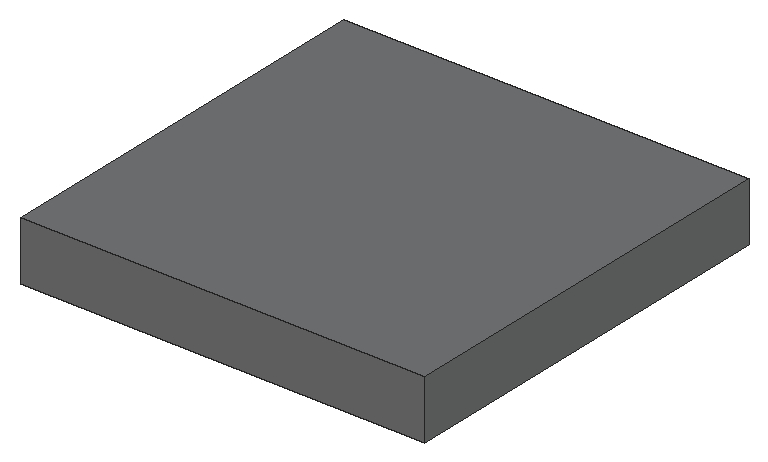
Revit family "Gira_067327", category Electrical Fixtures, host Face, Revit 2017
Family settings
  Host = Face
  Maintain Annotation Orientation = No
  Round Connector Dimension = Use Diameter
  Part Type = Normal
  Cut with Voids When Loaded = No
  Shared = No
  Room Calculation Point = No
Parameters (values of type "Wippe Symb. Klingel + BSF System 55 Reinweiß m")
  Werkstoffgüte = "Thermoplast"
  Werkstoff = "Kunststoff"
  Verwendung = "Schalter/Taster"
  URL = "http://katalog.gira.de/de_DE/datenblatt.html?artikelnr=067327"
  Region = "DE"
  RAL-Nummer (ähnlich) = "9010 "
  Oberfläche = "sonstige"
  Name = "Wippe Symb. Klingel + BSF System 55 Reinweiß m"
  Mit austauschbarer Linse/Symbol = "No"
  Mit Beschriftungsfeld = "Yes"
  Manufacturer URL = "https://www.gira.de/"
  Kontrollfenster/Lichtauslass = "No"
  Keynote = "Sys55_Abdeckung_Schalten und Tasten"
  HeinzeBIM = "https://bimportal.heinze.de/bim/wippe-symb-klingel-bsf-system-55-reinweiss-m/f59aac0fab240a9d6a9445c3482a9c9aaad3a862"
  Halogenfrei = "Yes"
  HAN = "067327"
  Geeignet für Schutzart (IP) = "IP20"
  Geeignet für Bussystem-Tasterankopplung = "No"
  GTIN = "4010337673279"
  Farbe = "weiß"
  Default Elevation = 1219.2 mm
  Data sheet (1) = "https://katalog.gira.de/de_DE/download.html?artikelnr=067327"
  Category = "Abdeckung/Bedienelement für Installationsschalterprogramme"
  Befestigungsart = "Klemmbefestigung"
  Available = "Yes"
  Ausführung der Oberfläche = "matt"
  Ausführung = "einteilige Wippe"
  Aufdruck/Kennzeichnung = "Symbol \"Klingel\""
  Anthrazit [instance] = Anthrazit
  Abtastbares Symbol/barrierefrei = "No"
Reference planes
  plane 1 "Center (Front/Back)": y = 0
  plane 2: z = 0
  plane 3 "Center (Left/Right)": x = 0
Forms (mm)
  Extrusion 1, solid, material "Anthrazit" <- "Anthrazit", detail levels fine
    sketch origin (0, 0, 0) x (1, 0, 0) y (0, 1, 0)
      loop
        line (-27.5, 27.5) -> (-27.5, -27.5) -> (27.5, -27.5) -> (27.5, 27.5) -> (-27.5, 27.5)
    from 0 to 8
  Extrusion 2, void
    sketch origin (0, 0, 0) x (1, 0, 0) y (0, 1, 0)
      loop
        line (26, 26) -> (-26, 26) -> (-26, -26) -> (26, -26) -> (26, 26)
    from 0 to 6
  Extrusion 3, solid, material "Anthrazit" <- "Anthrazit", detail levels medium
    sketch origin (0, 0, 0) x (1, 0, 0) y (0, 1, 0)
      loop
        line (-27.5, 27.5) -> (-27.5, -27.5) -> (27.5, -27.5) -> (27.5, 27.5) -> (-27.5, 27.5)
    from 0 to 8
  Extrusion 4, solid, material "Anthrazit" <- "Anthrazit", detail levels medium
    sketch origin (0, 0, 0) x (1, 0, 0) y (0, 1, 0)
      loop
        line (11, -17.5) -> (11, 17.5) -> (-11, 17.5) -> (-11, -17.5) -> (11, -17.5)
    from -6 to 6
  Extrusion 5, solid, material "Anthrazit" <- "Anthrazit", detail levels fine
    sketch origin (0, 0, 0) x (1, 0, 0) y (0, 1, 0)
      loop
        line (11, 17.5) -> (-11, 17.5) -> (-11, 16.5) -> (11, 16.5) -> (11, 17.5)
      loop
        line (-11, -16.5) -> (-11, -17.5) -> (11, -17.5) -> (11, -16.5) -> (-11, -16.5)
    from -4 to 6
  Extrusion 6, solid, material "Anthrazit" <- "Anthrazit", detail levels fine
    sketch origin (0, 0, 0) x (1, 0, 0) y (0, 1, 0)
      loop
        arc (5, 9.347) -> (0, 10.6) -> (-5, 9.347) r 10.6
        line (-5, 9.347) -> (-5, -9.347)
        arc (-5, -9.347) -> (0, -10.6) -> (5, -9.347) r 10.6
        line (5, -9.347) -> (5, 9.347)
    from -6 to 6
  Extrusion 7, solid, material "Anthrazit" <- "Anthrazit", detail levels coarse
    sketch origin (0, 0, 0) x (1, 0, 0) y (0, 1, 0)
      loop
        line (-27.5, 27.5) -> (-27.5, -27.5) -> (27.5, -27.5) -> (27.5, 27.5) -> (-27.5, 27.5)
    from -6 to 8
Cuts and joins
  Extrusion 2 cuts Extrusion 1
Dimensions and locks
  aligned and locked: plane 2 to host face
  aligned and locked: level to host face
